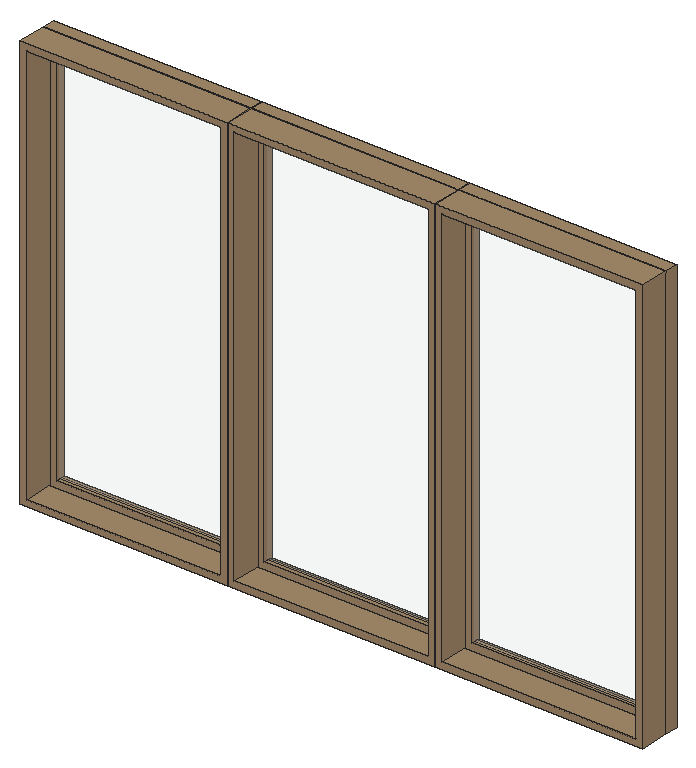
Revit family "3.00X2.00_VwWindow", category Windows, host Wall, Revit 2021
Family settings
  Host = Wall
  OmniClass Number = 23.30.20.17.11
  OmniClass Title = Fixed Windows
  Always vertical = Yes
  Cut with Voids When Loaded = No
  Shared = No
  Room Calculation Point = No
Parameters (values of type "1.5 x 2")
  Window Width [instance] = 1.00 m
  Window Height [instance] = 2.00 m
  Visual Light Transmittance = 0.9
  Thermal Resistance (R) = 1.53941 (h·ft²·°F)/BTU
  Solar Heat Gain Coefficient = 0.78
  Define Thermal Properties by = Schematic Type
  Construction Type Id = "GSP4R"
  Heat Transfer Coefficient (U) = 0.6496 BTU/(h·ft²·°F)
  Assembly Code = "B2020100"
  Glass Pane Material = Glass
  Height = 2.00 m
  Sash Material = Sash
  Default Sill Height = 0.9144 m
  Wall Closure = By host
  Width = 1.00 m
  Window Inset = 0.01905 m
  Analytic Construction = "1/8 in Pilkington single glazing"
Types (4, lengths in m): name | Height | Width
  1.5 x 2 | 2.00 | 1.00
  2 x 2 | 2.06 | 2.06
  0.53 | 2.10 | 0.53
  1 x 2 | 2.00 | 1.00
Reference planes (m)
  plane 1: y = 0
  plane 2: z = 0
  plane 3 "Center": x = -0.0381
  plane 4 "Left": x = -0.5381
  plane 5 "Right": x = 0.4619
  plane 6 "Sill": z = 0.9144
  plane 7 "Top": z = 2.9144
  plane 8: y = 0.1016
  plane 9: y = -0.1016
  plane 10: y = 0.08255
  plane 11: x = -0.51905
  plane 12: x = -0.50635
  plane 13: x = 0.44285
  plane 14: x = 0.43015
  plane 15: z = 2.89535
  plane 16: z = 2.88265
  plane 17: z = 0.94615
  plane 18 "Closure": y = 0.053975
Forms (m)
  Extrusion 1, solid, material "Sash" <- "Sash Material"
    sketch origin (0, 0, 0) x (1, 0, 0) y (0, 0, 1)
      loop
        line (-0.5381, 2.9144) -> (-0.5381, 0.9144) -> (0.4619, 0.9144) -> (0.4619, 2.9144) -> (-0.5381, 2.9144)
      loop
        line (-0.51905, 2.89535) -> (-0.51905, 0.93345) -> (0.44285, 0.93345) -> (0.44285, 2.89535) -> (-0.51905, 2.89535)
    from -0.1016 to -0.0381
  Extrusion 2, solid, material "Sash" <- "Sash Material"
    sketch origin (0, 0, 0) x (-1, 0, 0) y (0, 0, 1)
      loop
        line (-0.4619, 2.9144) -> (-0.4619, 0.9144) -> (0.5381, 0.9144) -> (0.5381, 2.9144) -> (-0.4619, 2.9144)
      loop
        line (-0.43015, 2.88265) -> (-0.43015, 0.94615) -> (0.50635, 0.94615) -> (0.50635, 2.88265) -> (-0.43015, 2.88265)
    from 0.0381 to -0.1016
  Extrusion 3, solid, material "Sash" <- "Sash Material"
    sketch origin (0, 0, 0) x (-1, 0, 0) y (0, 0, 1)
      loop
        line (-0.44285, 2.89535) -> (-0.44285, 0.93345) -> (0.51905, 0.93345) -> (0.51905, 2.89535) -> (-0.44285, 2.89535)
      loop
        line (-0.3984, 2.8509) -> (-0.3984, 0.9779) -> (0.4746, 0.9779) -> (0.4746, 2.8509) -> (-0.3984, 2.8509)
    from 0.0381 to 0.08255
  Extrusion 4, solid, material "Glass" <- "Glass Pane Material"
    sketch origin (-0.124971, 0, -0.117036) x (1, 0, 0) y (0, 0, 1)
      loop
        line (-0.349629, 2.967936) -> (-0.349629, 1.094936) -> (0.523371, 1.094936) -> (0.523371, 2.967936) -> (-0.349629, 2.967936)
    from -0.066675 to -0.053975
  Extrusion 5, solid, material "Sash" <- "Sash Material"
    sketch origin (-1, 0, 0) x (1, 0, 0) y (0, 0, 1)
      loop
        line (-0.5381, 2.9144) -> (-0.5381, 0.9144) -> (0.4619, 0.9144) -> (0.4619, 2.9144) -> (-0.5381, 2.9144)
      loop
        line (-0.51905, 2.89535) -> (-0.51905, 0.93345) -> (0.44285, 0.93345) -> (0.44285, 2.89535) -> (-0.51905, 2.89535)
    from -0.1016 to -0.0381
  Extrusion 6, solid, material "Sash" <- "Sash Material"
    sketch origin (-1, 0, 0) x (-1, 0, 0) y (0, 0, 1)
      loop
        line (-0.4619, 2.9144) -> (-0.4619, 0.9144) -> (0.5381, 0.9144) -> (0.5381, 2.9144) -> (-0.4619, 2.9144)
      loop
        line (-0.43015, 2.88265) -> (-0.43015, 0.94615) -> (0.50635, 0.94615) -> (0.50635, 2.88265) -> (-0.43015, 2.88265)
    from 0.0381 to -0.1016
  Extrusion 7, solid, material "Sash" <- "Sash Material"
    sketch origin (-1, 0, 0) x (-1, 0, 0) y (0, 0, 1)
      loop
        line (-0.44285, 2.89535) -> (-0.44285, 0.93345) -> (0.51905, 0.93345) -> (0.51905, 2.89535) -> (-0.44285, 2.89535)
      loop
        line (-0.3984, 2.8509) -> (-0.3984, 0.9779) -> (0.4746, 0.9779) -> (0.4746, 2.8509) -> (-0.3984, 2.8509)
    from 0.0381 to 0.08255
  Extrusion 8, solid, material "Glass" <- "Glass Pane Material"
    sketch origin (-1.124971, 0, -0.117036) x (1, 0, 0) y (0, 0, 1)
      loop
        line (-0.349629, 2.967936) -> (-0.349629, 1.094936) -> (0.523371, 1.094936) -> (0.523371, 2.967936) -> (-0.349629, 2.967936)
    from -0.066675 to -0.053975
  Extrusion 9, solid, material "Sash" <- "Sash Material"
    sketch origin (-2, 0, 0) x (1, 0, 0) y (0, 0, 1)
      loop
        line (-0.5381, 2.9144) -> (-0.5381, 0.9144) -> (0.4619, 0.9144) -> (0.4619, 2.9144) -> (-0.5381, 2.9144)
      loop
        line (-0.51905, 2.89535) -> (-0.51905, 0.93345) -> (0.44285, 0.93345) -> (0.44285, 2.89535) -> (-0.51905, 2.89535)
    from -0.1016 to -0.0381
  Extrusion 10, solid, material "Sash" <- "Sash Material"
    sketch origin (-2, 0, 0) x (-1, 0, 0) y (0, 0, 1)
      loop
        line (-0.4619, 2.9144) -> (-0.4619, 0.9144) -> (0.5381, 0.9144) -> (0.5381, 2.9144) -> (-0.4619, 2.9144)
      loop
        line (-0.43015, 2.88265) -> (-0.43015, 0.94615) -> (0.50635, 0.94615) -> (0.50635, 2.88265) -> (-0.43015, 2.88265)
    from 0.0381 to -0.1016
  Extrusion 11, solid, material "Sash" <- "Sash Material"
    sketch origin (-2, 0, 0) x (-1, 0, 0) y (0, 0, 1)
      loop
        line (-0.44285, 2.89535) -> (-0.44285, 0.93345) -> (0.51905, 0.93345) -> (0.51905, 2.89535) -> (-0.44285, 2.89535)
      loop
        line (-0.3984, 2.8509) -> (-0.3984, 0.9779) -> (0.4746, 0.9779) -> (0.4746, 2.8509) -> (-0.3984, 2.8509)
    from 0.0381 to 0.08255
  Extrusion 12, solid, material "Glass" <- "Glass Pane Material"
    sketch origin (-2.124971, 0, -0.117036) x (1, 0, 0) y (0, 0, 1)
      loop
        line (-0.349629, 2.967936) -> (-0.349629, 1.094936) -> (0.523371, 1.094936) -> (0.523371, 2.967936) -> (-0.349629, 2.967936)
    from -0.066675 to -0.053975
Lines and regions (m)
  Opening 1
    outline origin (-1.524, -0.1016, 0) x (1, 0, 0) y (0, 0, 1)
      loop
        line (0.9859, 2.9144) -> (0.9859, 0.9144) -> (1.9859, 0.9144) -> (1.9859, 2.9144) -> (0.9859, 2.9144)
  Opening 2
    outline origin (-1.01797, 0.1016, 0) x (-1, 0, 0) y (0, 0, 1)
      loop
        line (0.52013, 2.9144) -> (-0.47987, 2.9144) -> (-0.47987, 0.9144) -> (0.52013, 0.9144) -> (0.52013, 2.9144)
  Opening 3
    outline origin (-0.50333, 0.1016, -0.03175) x (-1, 0, 0) y (0, 0, 1)
      loop
        line (2.03477, 2.94615) -> (1.03477, 2.94615) -> (1.03477, 0.94615) -> (2.03477, 0.94615) -> (2.03477, 2.94615)
  symbolic lines, style "WindowsFrameMullionProjection"
    curve 1: line (-0.5381, 0.1016, 0) -> (-0.51905, 0.1016, 0)
    curve 2: line (-0.51905, 0.0381, 0) -> (-0.51905, 0.1016, 0)
    curve 3: line (-0.51905, 0.0381, 0) -> (-0.50635, 0.0381, 0)
    curve 4: line (-0.50635, -0.1016, 0) -> (-0.50635, 0.0381, 0)
    curve 5: line (0.4619, 0.1016, 0) -> (0.44285, 0.1016, 0)
    curve 6: line (0.43015, 0.0381, 0) -> (0.43015, -0.1016, 0)
    curve 7: line (0.43015, 0.0381, 0) -> (0.44285, 0.0381, 0)
    curve 8: line (0.44285, 0.0381, 0) -> (0.44285, 0.1016, 0)
    curve 9: line (-0.51905, 0.08255, 0) -> (-0.4746, 0.08255, 0)
    curve 10: line (-0.51905, 0.08255, 0) -> (-0.51905, 0.0381, 0)
    curve 11: line (-0.51905, 0.0381, 0) -> (-0.4746, 0.0381, 0)
    curve 12: line (-0.4746, 0.08255, 0) -> (-0.4746, 0.0381, 0)
    curve 13: line (0.44285, 0.08255, 0) -> (0.3984, 0.08255, 0)
    curve 14: line (0.44285, 0.08255, 0) -> (0.44285, 0.0381, 0)
    curve 15: line (0.44285, 0.0381, 0) -> (0.3984, 0.0381, 0)
    curve 16: line (0.3984, 0.08255, 0) -> (0.3984, 0.0381, 0)
    curve 18: line (-0.50635, -0.1016, 0) -> (-0.5381, -0.1016, 0)
    curve 19: line (0.43015, -0.1016, 0) -> (0.4619, -0.1016, 0)
  symbolic lines, style "WindowsGlassProjection"
    curve 17: line (-0.4746, 0.060325, 0) -> (0.3984, 0.060325, 0)
Text (m)
  text "EXTERIOR" at (-1.437207, 1.354346, 0), in view "Floor Line"
  text "INTERIOR" at (-1.490695, -1.070518, 0), in view "Floor Line"
  text "Exterior" at (0, 1.10887, 3.415022), in view "Left"
  text "Exterior" at (0, 0.464664, 3.176206), in view "Right"
Dimensions and locks (m)
  equal spacing: plane 4 "Left", plane 3 "Center", plane 5 "Right"
  "Window Width": plane 4 "Left" to plane 5 "Right"
  plane 2 to plane 6 "Sill" to plane 16 to plane 7 "Top" = 0.9144 m, 1.96825 m, 0.03175 m
  "Window Inset": plane 8 to plane 10
  locked: plane 10 to Extrusion 3 at 0.04445
  locked: plane 10 to Extrusion 4 at 0.015875
  locked: Extrusion 4 to Extrusion 4 at 0.0127
  locked: plane 4 "Left" to plane 11 at 0.01905
  locked: plane 13 to plane 5 "Right" at 0.01905
  locked: plane 14 to plane 5 "Right" at 0.03175
  locked: plane 4 "Left" to plane 12 at 0.03175
  locked: plane 15 to plane 7 "Top" at 0.01905
  locked: plane 7 "Top" to plane 16 at 0.03175
  locked: plane 17 to plane 6 "Sill" at 0.03175
  "Window Height": plane 7 "Top" to plane 6 "Sill"
  "Default Sill Height": plane 6 "Sill" to plane 2
  locked: plane 10 to plane 18 "Closure" at 0.028575
  aligned and locked: plane 7 "Top" to Opening 1 sketch curve
  aligned and locked: plane 6 "Sill" to Opening 1 sketch curve  (x2)
  aligned and locked: plane 5 "Right" to Opening 1 sketch curve
  aligned and locked: plane 4 "Left" to Opening 1 sketch curve
  aligned and locked: plane 9 to host wall
  aligned and locked: host wall to Extrusion 2
  aligned and locked: plane 10 to Extrusion 3
  aligned and locked: plane 8 to host wall
  aligned and locked: host wall to Extrusion 1
  aligned and locked: Extrusion 2 to Extrusion 1
  aligned and locked: Extrusion 1 to Extrusion 3
  aligned and locked: Extrusion 4 sketch curve to Extrusion 3  (x4)
  aligned and locked: curve 5 to Extrusion 1  (x2)
  aligned and locked: curve 6 to Extrusion 2
  aligned and locked: curve 4 to Extrusion 2
  aligned and locked: curve 16 to Extrusion 3
  aligned and locked: Extrusion 1 to curve 11
  aligned and locked: Extrusion 1 to curve 7
  aligned and locked: host wall to Extrusion 6
  aligned and locked: host wall to Extrusion 5
  aligned and locked: Extrusion 6 to Extrusion 5
  aligned and locked: Extrusion 5 to Extrusion 7
  aligned and locked: Extrusion 8 sketch curve to Extrusion 7  (x4)
  aligned and locked: host wall to Extrusion 10
  aligned and locked: host wall to Extrusion 9
  aligned and locked: Extrusion 10 to Extrusion 9
  aligned and locked: Extrusion 9 to Extrusion 11
  aligned and locked: Extrusion 12 sketch curve to Extrusion 11  (x4)
Automatic sketch dimensions
  Extrusion 1 sketch curve to plane 4 "Left" = 0.00 m
  Extrusion 1 sketch curve to plane 5 "Right" = 0.00 m
  Extrusion 1 sketch curve to plane 4 "Left" = 0.01905 m
  plane 5 "Right" to Extrusion 1 sketch curve = 0.01905 m
  Extrusion 1 sketch curve to plane 6 "Sill" = 0.00 m
  Extrusion 1 sketch curve to plane 7 "Top" = 0.00 m
  Extrusion 1 sketch curve to plane 6 "Sill" = 0.01905 m
  plane 7 "Top" to Extrusion 1 sketch curve = 0.01905 m
  Extrusion 2 sketch curve to plane 5 "Right" = 0.00 m
  Extrusion 2 sketch curve to plane 4 "Left" = 0.00 m
  plane 5 "Right" to Extrusion 2 sketch curve = 0.03175 m
  Extrusion 2 sketch curve to plane 4 "Left" = 0.03175 m
  Extrusion 2 sketch curve to plane 6 "Sill" = 0.00 m
  Extrusion 2 sketch curve to plane 7 "Top" = 0.00 m
  Extrusion 2 sketch curve to plane 6 "Sill" = 0.03175 m
  plane 7 "Top" to Extrusion 2 sketch curve = 0.03175 m
  plane 5 "Right" to Extrusion 3 sketch curve = 0.01905 m
  plane 5 "Right" to Extrusion 3 sketch curve = 0.0635 m
  Extrusion 3 sketch curve to plane 4 "Left" = 0.0635 m
  Extrusion 3 sketch curve to plane 4 "Left" = 0.01905 m
  Extrusion 3 sketch curve to plane 6 "Sill" = 0.01905 m
  Extrusion 3 sketch curve to plane 6 "Sill" = 0.0635 m
  plane 7 "Top" to Extrusion 3 sketch curve = 0.0635 m
  plane 7 "Top" to Extrusion 3 sketch curve = 0.01905 m
  Opening 2 sketch curve to plane 7 "Top" = 0.00 m
  Opening 2 sketch curve to plane 6 "Sill" = 0.00 m
  plane 4 "Left" to Opening 2 sketch curve = 0.00 m
  Opening 2 sketch curve to Opening 2 sketch curve = 1.00 m
  Extrusion 5 sketch curve to plane 6 "Sill" = 0.00 m
  Extrusion 5 sketch curve to plane 7 "Top" = 0.00 m
  Extrusion 5 sketch curve to plane 15 = 0.00 m
  plane 4 "Left" to Extrusion 5 sketch curve = 1.00 m
  plane 17 to Extrusion 5 sketch curve = 0.0127 m
  Extrusion 5 sketch curve to Extrusion 5 sketch curve = 0.01905 m  (x2)
  plane 4 "Left" to Extrusion 5 sketch curve = 0.01905 m
  Extrusion 6 sketch curve to plane 6 "Sill" = 0.00 m
  Extrusion 6 sketch curve to plane 7 "Top" = 0.00 m
  Extrusion 6 sketch curve to plane 17 = 0.00 m
  Extrusion 6 sketch curve to plane 16 = 0.00 m
  plane 4 "Left" to Extrusion 6 sketch curve = 0.00 m
  Extrusion 6 sketch curve to Extrusion 6 sketch curve = 0.03175 m  (x2)
  Extrusion 6 sketch curve to Extrusion 6 sketch curve = 0.9365 m
  Extrusion 7 sketch curve to plane 15 = 0.00 m
  plane 17 to Extrusion 7 sketch curve = 0.0127 m
  plane 4 "Left" to Extrusion 7 sketch curve = 0.01905 m
  Extrusion 7 sketch curve to Extrusion 7 sketch curve = 0.04445 m  (x2)
  plane 16 to Extrusion 7 sketch curve = 0.03175 m
  Extrusion 7 sketch curve to Extrusion 7 sketch curve = 0.873 m
  Extrusion 7 sketch curve to plane 17 = 0.03175 m
  host wall to curve 18 = 0.00 m
  curve 18 to plane 4 "Left" = 0.00 m
  curve 1 to host wall = 0.00 m
  curve 1 to plane 4 "Left" = 0.00 m
  curve 2 to plane 11 = 0.00 m
  curve 9 to plane 10 = 0.00 m
  curve 14 to plane 10 = 0.00 m
  curve 14 to plane 13 = 0.00 m
  host wall to curve 19 = 0.00 m
  curve 19 to plane 5 "Right" = 0.00 m
  curve 11 to plane 12 = 0.03175 m
  curve 17 to plane 18 "Closure" = 0.00635 m
  plane 17 to Opening 3 sketch curve = 0.03175 m
  Opening 3 sketch curve to plane 7 "Top" = 0.00 m
  plane 4 "Left" to Opening 3 sketch curve = 1.00 m
  Opening 3 sketch curve to Opening 3 sketch curve = 1.00 m
  plane 17 to Extrusion 9 sketch curve = 0.03175 m
  plane 4 "Left" to Extrusion 9 sketch curve = 2.00 m
  Extrusion 9 sketch curve to Extrusion 9 sketch curve = 0.01905 m  (x3)
  plane 7 "Top" to Extrusion 9 sketch curve = 0.01905 m
  Extrusion 9 sketch curve to Extrusion 9 sketch curve = 0.9619 m
  plane 17 to Extrusion 9 sketch curve = 0.0127 m
  plane 17 to Extrusion 10 sketch curve = 0.03175 m
  plane 7 "Top" to Extrusion 10 sketch curve = 0.03175 m
  plane 4 "Left" to Extrusion 10 sketch curve = 1.00 m
  Extrusion 10 sketch curve to Extrusion 10 sketch curve = 0.03175 m  (x2)
  Extrusion 10 sketch curve to Extrusion 10 sketch curve = 0.9365 m
  Extrusion 10 sketch curve to plane 17 = 0.00 m
  Extrusion 10 sketch curve to plane 7 "Top" = 0.00 m
  plane 16 to Extrusion 11 sketch curve = 0.03175 m
  plane 17 to Extrusion 11 sketch curve = 0.0127 m
  plane 4 "Left" to Extrusion 11 sketch curve = 1.01905 m
  Extrusion 11 sketch curve to Extrusion 11 sketch curve = 0.04445 m  (x3)
  Extrusion 11 sketch curve to Extrusion 11 sketch curve = 0.873 m
  plane 7 "Top" to Extrusion 11 sketch curve = 0.01905 m
